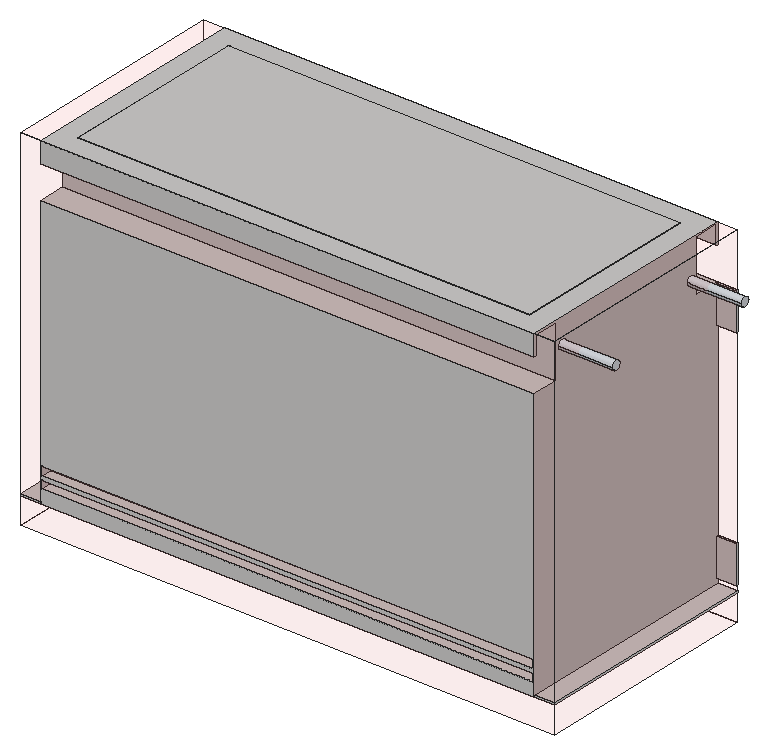
Revit family "Air-Curtain_Customer-Entry_PoweredAire_CHS", category Mechanical Equipment, host Face, Revit 2024
Family settings
  Host = Face
  Round Connector Dimension = Use Diameter
  Part Type = Normal
  OmniClass Number = 23.75.35.17.21
  OmniClass Title = Air Curtains
  Cut with Voids When Loaded = No
  Maintain Annotation Orientation = No
  Shared = No
  Room Calculation Point = No
Parameters
  upperrotation [instance] = if(Upper Pipe Connection Side A, 0.00°, 180.00°)  # 0.00°
  lowerrotation [instance] = if(Lower Pipe Connection Side A, 0.00°, 180.00°)  # 0.00°
  locateupperpipe [instance] = if(Upper Pipe Connection Side A, 0' 0", Nozzle Width)  # 0' - 0"
  locatelowerpipe [instance] = if(Lower Pipe Connection Side A, 0' 0", Nozzle Width)  # 0' - 0"
  Warranty Duration (Years) = 0
  Upper Pipe Connection Side A [instance] = yes
  Unit Width Notes = "Other Widths available."  # constant formula
  Unit Width = 3' - 3"
  Unit Weight = 0
  Unit Height = 1' - 4 3/4"
  Unit Depth [instance] = if(Include Filters, 2' 1 7/8", 1' 11 3/4")  # 1' - 11 3/4"
  URL = "http://www.poweredaire.com/"
  Test Data = ""
  Temperature Rise_Range = "as Specified"
  Standards Conformance = "as Specified"
  Specification = "http://www.arcat.com/sdspecs/htm04/23_34_33pai.htm"
  SpecWizard = ""
  Sound Pressure = "as Specified"
  Sales Information = "http://www.poweredaire.com/contact_us"
  Revision = "R1_2016-08"
  Projection from Host [instance] = 0' - 2"
  Product Properties = ""
  Product Data = "http://www.arcat.com/arcatcos/cos47/arc47623.html"
  Power Rating = 0 W
  Piping_Water Flow [instance] = 0 GPM
  Piping_Operating Pressure [instance] = 0.00 psi
  Piping_Exit Temperature [instance] = 0 °F
  Piping_Entry Temperature [instance] = 0 °F
  Pipe OD [instance] = 5/8"
  Outlet Volume_Range = "as Specified"
  Outlet Velocity_Range = "as Specified"
  Nozzle Width = if(1 = 1, Unit Width - 0' 3", 0' 0")  # 3' - 0"
  Mounting Width = if(1 = 1, Unit Width - 0' 1 1/2", 0' 0")  # 3' - 1 1/2"
  Mounting Height [instance] = 3' - 6"
  Motor RPM = 0
  Motor HP = 0
  Motor Count = 0
  Model = "As Specified"
  Max Height = 0' - 0"
  Manufacturer Website = "http://www.poweredaire.com/"
  Manufacturer Phone - Toll Free = "888-321-2473"
  Manufacturer Phone = "724-588-3305"
  Manufacturer Fax = "724-588-3371"
  Manufacturer Address = "109 Mortensen Rd.  Greenville, PA 16125"
  Manufacturer = "Powered Aire, Inc"
  Maintenance Schedule (Months) = 0
  Lower Pipe Connection Side A [instance] = yes
  Keynote = "23 34 33"
  Installation-Fabrication = ""
  Installation Phase = ""
  Include Filters [instance] = no
  Include Clearance [instance] = yes
  Heating Element Load = 0 W
  HVAC_Temperature Rise [instance] = 0 °F
  HVAC_Outlet Volume [instance] = 0 CFM
  HVAC_Outlet Velocity Uniformity = 0
  HVAC_Outlet Velocity [instance] = 0 FPM
  HVAC_BTU Input = 0.0 Btu/h
  Green Building-LEED = "http://www.arcat.com/green/clients/leed_data_47623.html"
  Front Grating Material [instance] = Metal - Steel - PoweredAire - Stainless 304 Perforated
  Frame Finish [instance] = Metal - Steel - PoweredAire - Stainless 304
  Expected Lifespan (Years) = 0
  Electrical_Wattage [instance] = Power Rating + Heating Element Load  # 0 W
  Electrical_Voltage [instance] = 0 V
  Electrical_Phase [instance] = 1
  Electrical_Frequency [instance] = 0 Hz
  Electrical_Amperage [instance] = 0 A
  Drawn By = "Sumex Design, Inc. / Robert S. Weygant, CSI, CDT, SCIP"
  Description = "Powered Aire Air Curtain as Specified"
  Default Elevation = 0' - 0"  # constant formula
  Copyright = "©Arcat Inc."
  Construction Details = "http://www.arcat.com/details/powair/prod3336.html"
  Clearance_Top [instance] = 0' - 0"
  Clearance_Side B [instance] = 0' - 0"
  Clearance_Side A [instance] = 0' - 0"
  Clearance_Intake [instance] = 0' - 0"
  Clearance_Bottom [instance] = 0' - 0"
  Clearance Material [instance] = ARCAT Clearance
  Building Codes = ""
  Available Options [instance] = "as Specified"
  Assembly Code = "D3090400"
Reference planes (in)
  plane 1 "Center (Elevation)": y = 0.13818
  plane 2: z = 0
  plane 3 "Center (Left/Right)": x = 0
  plane 4: y = 8.51318
  plane 5: y = -8.23682
  plane 6: x = -19.5
  plane 7: x = 19.5
  plane 8: z = 25.75
  plane 9 "FF": y = -41.86182
  plane 10: z = 2
  plane 11: x = 18
  plane 12: x = -18
  plane 13: y = 8.51318
  plane 14: y = -8.23682
  plane 15: x = -19.5
  plane 16: x = 19.5
  plane 17: z = 25.75
  plane 18: x = 17.9375
  plane 19: x = -17.9375
  plane 20: x = 18
  plane 21: x = 18
  plane 22: y = 6.01318
  plane 23: y = -5.73682
Forms (in)
  Extrusion 1, solid, material "Metal - Steel - PoweredAire - Stainless 304" <- "Frame Finish"
    sketch origin (0, 0, 0) x (0, 1, 0) y (0, 0, 1)
      loop
        line (-8.23682, 2) -> (8.51318, 2) -> (8.51318, 21.8125) -> (6.51318, 21.8125) -> (6.51318, 25.625) -> (8.38818, 25.625) -> (8.38818, 24.25) -> (8.51318, 24.25) -> (8.51318, 25.75) -> (-8.23682, 25.75) -> (-8.23682, 24.25) -> (-8.11182, 24.25) -> (-8.11182, 25.625) -> (-6.23682, 25.625) -> (-6.23682, 21.8125) -> (-8.23682, 21.8125) -> (-8.23682, 2)
    from -18 to 18
  Extrusion 2, solid, material "ARCAT Clearance" <- "Clearance Material", visible <- "Include Clearance"
    sketch origin (0, 0, 0) x (0, 1, 0) y (0, 0, 1)
      loop
        line (-8.23682, 25.75) -> (-8.23682, 0) -> (8.51318, 0) -> (8.51318, 25.75) -> (-8.23682, 25.75)
    from -19.5 to 19.5
  Extrusion 3, solid, material "Metal - Steel - PoweredAire - Stainless 304" <- "Frame Finish"
    sketch origin (-15.17702, -180, 2) x (-1, 0, 0) y (0, -1, 0)
      loop
        line (-33.17702, -188.51318) -> (-33.17702, -171.76318) -> (-34.67702, -171.76318) -> (-34.67702, -188.51318) -> (-33.17702, -188.51318)
      loop
        line (2.82298, -188.51318) -> (4.32298, -188.51318) -> (4.32298, -171.76318) -> (2.82298, -171.76318) -> (2.82298, -188.51318)
    from 0 to 0.125
  Extrusion 4, solid, material "Metal - Steel - PoweredAire - Stainless 304" <- "Frame Finish"
    sketch origin (-11.83813, 8.51318, 48) x (-1, 0, 0) y (0, 0, 1)
      loop
        line (-29.83813, -45.5) -> (-29.83813, -42.75) -> (-31.33813, -42.75) -> (-31.33813, -45.5) -> (-29.83813, -45.5)
      loop
        line (-29.83813, -28.9375) -> (-29.83813, -26.1875) -> (-31.33813, -26.1875) -> (-31.33813, -28.9375) -> (-29.83813, -28.9375)
      loop
        line (6.16187, -45.5) -> (7.66187, -45.5) -> (7.66187, -42.75) -> (6.16187, -42.75) -> (6.16187, -45.5)
      loop
        line (6.16187, -28.9375) -> (7.66187, -28.9375) -> (7.66187, -26.1875) -> (6.16187, -26.1875) -> (6.16187, -28.9375)
    from 0 to -0.125
  Extrusion 5, void
    sketch origin (0, 0, 0) x (0, 1, 0) y (0, 0, 1)
      loop
        line (-8.23682, 3) -> (-7.23682, 3) -> (-7.23682, 4.5) -> (-8.23682, 4.5) -> (-8.23682, 3.82425) -> (-7.38364, 3.82425) -> (-7.38364, 3.57425) -> (-8.23682, 3.57425) -> (-8.23682, 3)
    from -17.9375 to 17.9375
  Extrusion 6, solid, material "Metal - Steel - PoweredAire - Stainless 304 Perforated" <- "Front Grating Material"
    sketch origin (0, -8.23682, 25.75) x (0, 1, 0) y (-1, 0, 0)
      loop
        line (15.25, 16.5) -> (1.5, 16.5) -> (1.5, -16.5) -> (15.25, -16.5) -> (15.25, 16.5)
    from 0 to 0.03125
  Sweep 7, solid
    path origin (18, 6.01318, 0) x (1, 0, 0) y (0, 1, 0)
      loop
        line (0, 0) -> (4, 0)
    profile origin (20, 6.01318, 0) x (0, 1, 0) y (0, 0, 1)
      loop
        circle (0, 23) r 0.3125
  Sweep 8, solid
    path origin (18, -5.73682, 0) x (1, 0, 0) y (0, 1, 0)
      loop
        line (0, 0) -> (4, 0)
    profile origin (20, -5.73682, 0) x (0, 1, 0) y (0, 0, 1)
      loop
        circle (0, 24) r 0.3125
Cuts and joins
  Extrusion 5 cuts Extrusion 1
Lines and regions (in)
  reference lines
    curve 1: line (18, 6.01318, 0) -> (22.75, 6.01318, 0)
    curve 2: line (18, -5.73682, 0) -> (23.75, -5.73682, 0)
Dimensions and locks (in)
  equal spacing: plane 4, plane 1 "Center (Elevation)", plane 5
  "Unit Height": plane 4 to plane 5
  equal spacing: plane 6, plane 3 "Center (Left/Right)", plane 7
  "Unit Width": plane 6 to plane 7
  "Mounting Height": plane 1 "Center (Elevation)" to plane 9 "FF"
  "Projection from Host": plane 10 to level
  "Unit Depth": plane 8 to plane 10
  locked: plane 6 to plane 12 at 1.5
  locked: plane 11 to plane 7 at 1.5
  "Clearance_Side A": plane 7 to plane 16
  "Clearance_Side B": plane 15 to plane 6
  "Clearance_Top": plane 13 to plane 4
  "Clearance_Bottom": plane 5 to plane 14
  "Clearance_Intake": plane 17 to plane 8
  plane 5 to Extrusion 1 sketch curve to Extrusion 1 sketch curve = 0' - 0 1/8" locked, 0' - 1 7/8" locked
  Extrusion 1 sketch curve to Extrusion 1 sketch curve to plane 4 = 0' - 1 7/8" locked, 0' - 0 1/8" locked
  Extrusion 4 sketch curve to Extrusion 4 sketch curve to Extrusion 4 sketch curve to Extrusion 4 sketch curve to plane 10 = 0' - 2 3/4" locked, 1' - 1 13/16" locked, 0' - 2 3/4" locked, 0' - 0 1/2" locked
  Extrusion 4 sketch curve to Extrusion 4 sketch curve to Extrusion 4 sketch curve to Extrusion 4 sketch curve = 0' - 2 3/4" locked, 1' - 1 13/16" locked, 0' - 2 3/4" locked
  locked: Extrusion 4 sketch curve to plane 10 at 0.5
  plane 8 to Extrusion 1 sketch curve to Extrusion 1 sketch curve = 0' - 0 1/8" locked, 0' - 1 3/8" locked  (x2)
  locked: Extrusion 1 sketch curve to plane 10 at 19.8125  (x2)
  Extrusion 5 sketch curve to Extrusion 5 sketch curve to Extrusion 5 sketch curve to Extrusion 5 sketch curve to plane 10 = 0' - 0.67575" locked, 0' - 0 1/4" locked, 0' - 0.57425" locked, 0' - 1" locked
  plane 5 to Extrusion 5 sketch curve to Extrusion 5 sketch curve = 0' - 0.85319" locked, 0' - 0.14681" locked
  locked: plane 19 to plane 12 at 0.0625
  locked: plane 11 to plane 18 at 0.0625
  locked: plane 4 to Extrusion 6 sketch curve at 1.5
  locked: Extrusion 6 sketch curve to plane 5 at 1.5
  locked: Extrusion 6 sketch curve to plane 11 at 1.5
  locked: plane 12 to Extrusion 6 sketch curve at 1.5
  "locateupperpipe": plane 20 to plane 11
  "locatelowerpipe": plane 21 to plane 11
  locked: plane 4 to plane 22 at 2.5
  locked: plane 23 to plane 5 at 2.5
  locked: curve 1 to Sweep 7 sketch curve at 4
  locked: curve 1 to Sweep 7 sketch curve
  locked: Sweep 7 sketch curve to plane 10 at 21
  locked: curve 2 to Sweep 8 sketch curve at 4
  locked: curve 2 to Sweep 8 sketch curve
  locked: Sweep 8 sketch curve to plane 10 at 22
  "upperrotation": angle plane 22 to curve 1
  "lowerrotation": angle plane 23 to curve 2
  aligned and locked: plane 2 to host face
  aligned and locked: level to host face
  aligned and locked: Extrusion 2 sketch curve to plane 17
  aligned and locked: plane 14 to Extrusion 2 sketch curve
  aligned and locked: level to Extrusion 2 sketch curve
  aligned and locked: Extrusion 2 sketch curve to plane 13
  aligned and locked: plane 16 to Extrusion 2
  aligned and locked: Extrusion 2 to plane 15
  aligned and locked: plane 11 to Extrusion 1
  aligned and locked: Extrusion 1 to plane 12
  aligned and locked: plane 21 to curve 2
  aligned and locked: plane 23 to curve 2
  aligned and locked: plane 22 to curve 1
  aligned and locked: plane 20 to curve 1
Automatic sketch dimensions
  host sketch curve to host sketch curve = 8' - 0"  (x2)
  Extrusion 1 sketch curve to plane 5 = 0' - 0"  (x2)
  Extrusion 1 sketch curve to plane 4 = 0' - 0"  (x2)
  Extrusion 1 sketch curve to plane 10 = 0' - 0"
  Extrusion 1 sketch curve to plane 8 = 0' - 0"
  plane 4 to Extrusion 3 sketch curve = 0' - 0"
  Extrusion 3 sketch curve to plane 7 = 0' - 0"
  plane 5 to Extrusion 3 sketch curve = 0' - 0"
  Extrusion 3 sketch curve to plane 11 = 0' - 0"
  Extrusion 3 sketch curve to plane 4 = 0' - 0"
  Extrusion 3 sketch curve to plane 12 = 0' - 0"
  Extrusion 3 sketch curve to plane 6 = 0' - 0"
  Extrusion 3 sketch curve to plane 5 = 0' - 0"
  Extrusion 4 sketch curve to plane 7 = 0' - 0"  (x2)
  Extrusion 4 sketch curve to plane 11 = 0' - 0"  (x2)
  Extrusion 4 sketch curve to plane 12 = 0' - 0"  (x2)
  Extrusion 4 sketch curve to plane 6 = 0' - 0"  (x2)
  Extrusion 5 sketch curve to plane 5 = 0' - 0"  (x2)
  Sweep 7 sketch curve to profile plane = 0' - 0"
  Sweep 8 sketch curve to profile plane = 0' - 0"
  radius of Sweep 7 sketch curve = 0' - 0 5/16"
  radius of Sweep 8 sketch curve = 0' - 0 5/16"
Connectors (in)
  piping at (22, 6.01318, 23), diameter 0.625, driven by "Pipe OD", driven by "Piping_Water Flow"
    settings: on Sweep 7, index 1, connector inside diameter 24", connector length 0' - 0", flow factor 0, pipe flow 0 GPM, pressure drop 0.00 psi, fitting loss kfactor 0, connector angle 0.00°, fixture units 0, engagement length 0' - 0", angle of deflection 0.00°, flow configuration 0, flow direction 0, fitting loss method 0, system type 29, joint type 0, gender type 0, connector reference index -1, connector utility 0, adjustable connector no, is connector primary yes, connector description "Define Supply or Return and Location"
  piping at (22, -5.73682, 24), diameter 0.625, driven by "Pipe OD", driven by "Piping_Water Flow"
    settings: on Sweep 8, index 2, connector inside diameter 24", connector length 0' - 0", flow factor 0, pipe flow 0 GPM, pressure drop 0.00 psi, fitting loss kfactor 0, connector angle 0.00°, fixture units 0, engagement length 0' - 0", angle of deflection 0.00°, flow configuration 0, flow direction 0, fitting loss method 0, system type 29, joint type 0, gender type 0, connector reference index -1, connector utility 0, adjustable connector no, is connector primary no, connector description "Define Supply or Return and Location"
  electrical at (-18, 0.13818, 21.39062), driven by "Electrical_Voltage", driven by "Electrical_Phase"
    settings: on cut or joined group of Extrusion 1, Extrusion 5, index 3, voltage 0 V, apparent load 0 VA, apparent load phase1 0 VA, apparent load phase2 0 VA, apparent load phase3 0 VA, power factor 1, load classification "Motor", number of poles 1, system type 31, power factor state 1, is connector primary yes, connector utility no, sub classification motor no, connector description ""
